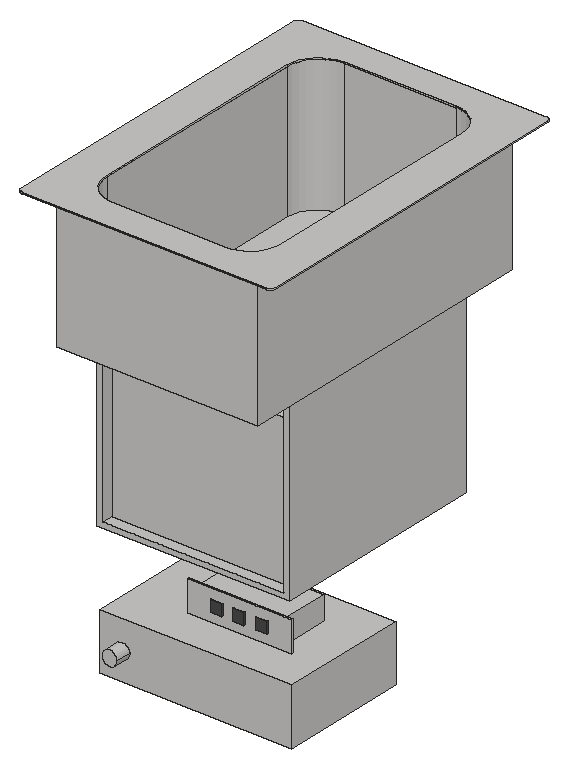
Revit family "QF_ELECTROLUXPROFESSIONAL_341156_D10C1", category Specialty Equipment, Revit 2018
Family settings
  Round Connector Dimension = Use Diameter
  Part Type = Normal
  Work Plane-Based = No
  Always vertical = Yes
  Cut with Voids When Loaded = No
  Shared = No
  Room Calculation Point = No
Parameters (values of type "Standard")
  Weight = 41.50 kg
  Watts = 0 W
  Volts = 220 V
  URL Manufacturer = "http://professional.electrolux.com"
  URL = "http://professional.electrolux.com"
  Steam Supply Size = 0 mm
  Steam Supply Minimum Pressure = 0.0 Pa
  Steam Supply Maximum Pressure = 0.0 Pa
  Steam Pounds per Hour = 0
  Show Clearance [instance] = yes
  Remote Electrical Box_Z [instance] = 200.00 mm
  Remote Electrical Box_Y [instance] = 500.00 mm
  Remote Electrical Box_X [instance] = 220.00 mm
  Refrigeration Suction Line Size = 0 mm
  Refrigeration Liquid Line Size = 0 mm
  Refrigerant Compressor Remote = yes
  Manufacturer = "Electrolux Professional"
  Phase = 1
  Model = "D10C1"
  Length Actual = 450.00 mm  # constant formula
  Item Number = "341156"
  Hot Water Size = 0 mm
  Height Actual = 595.00 mm  # constant formula
  HP = "0.6 HP"
  Gas Size = 0 mm
  Gas KW = 0
  Gas Input Pressure = 0 W
  Direct Waste Size = 25.4 mm
  Description = "DROP-IN REFRIGERATED WELL, STATIC, 1GN"
  Depth Actual = 620.00 mm  # constant formula
  Cycle = 50 Hz
  Controller_Y [instance] = 500.00 mm
  Controller_1Z [instance] = 300.00 mm
  Controller_1X [instance] = 300.00 mm
  Condensate Return Size = 0 mm
  Compressed Air Volume = 0.0 L/s
  Compressed Air Size = 0 mm
  Compressed Air Pressure = 0.0 Pa
  Cold Water Size = 0 mm
  Accessory = yes
Types (2, lengths in mm): name | Volts | URL Manufacturer | URL | Manufacturer | Phase | Model | Item Number | Description | Cycle
  341156.rfa | 0 V | "" | 0.00 | 0.00 | 0 | 0.00 | "" | 0.00 | 0 Hz
  Standard | 220 V | "http://professional.electrolux.com" | "http://professional.electrolux.com" | "Electrolux Professional" | 1 | "D10C1" | "341156" | "DROP-IN REFRIGERATED WELL, STATIC, 1GN" | 50 Hz
Reference planes
  plane 1 "Centro (Fronte/Retro)": y = 74.737
  plane 2: z = 0
  plane 3 "BACK": y = 384.737
  plane 4 "FRONT": y = -235.263
  plane 5 "RIGHT": x = -289.269
  plane 6 "LEFT": x = -739.269
  plane 7: x = -514.269
  plane 8 "TOP": z = 900
  plane 9: y = 354.737
  plane 10: y = -205.263
  plane 11: x = -336.469
  plane 12: x = -692.069
  plane 13: y = 329.737
  plane 14: y = -180.263
  plane 15: x = -669.269
  plane 16: x = -359.269
  plane 17: z = 898
  plane 18: z = 656
  plane 19: z = 659
  plane 20: z = 336
  plane 21: x = -354.269
  plane 22: y = 349.537
  plane 23: y = -200.063
  plane 24: x = -689.269
  plane 25: x = -349.269
  plane 26 "1": x = -433.269
  plane 27: y = 254.737
  plane 28: y = -120.263
  plane 29: y = 269.737
  plane 30: x = -439.269
  plane 31: x = -519.269
  plane 32: y = -115.263
  plane 33: y = -115.263
  plane 34: z = 200
  plane 35: z = 300
Forms (mm)
  Extrusion 1, solid, material "QF_Finishes_Stainless Steel"
    sketch origin (0, 0, 900) x (-1, 0, 0) y (0, -1, 0)
      loop
        line (336.469, -354.737) -> (692.069, -354.737) -> (692.069, 205.263) -> (336.469, 205.263) -> (336.469, -354.737)
    from -2 to -244
  Extrusion 2, void
    sketch origin (0, 0, 900) x (-1, 0, 0) y (0, -1, 0)
      loop
        line (669.269, -273.737) -> (669.269, 124.263)
        arc (669.269, 124.263) -> (652.867, 163.861) -> (613.269, 180.263) r 56
        line (613.269, 180.263) -> (415.269, 180.263)
        arc (415.269, 180.263) -> (375.671, 163.861) -> (359.269, 124.263) r 56
        line (359.269, 124.263) -> (359.269, -273.737)
        arc (359.269, -273.737) -> (375.671, -313.335) -> (415.269, -329.737) r 56
        line (415.269, -329.737) -> (613.269, -329.737)
        arc (613.269, -329.737) -> (652.867, -313.335) -> (669.269, -273.737) r 56
    from 0 to -241
  Extrusion 3, void
    sketch origin (-498.395, -193.95, 900) x (-1, 0, 0) y (0, -1, 0)
      loop
        circle (-65.126, -448.687) r 18
    from -243.6 to -241
  Extrusion 4, solid, material "QF_Finishes_Stainless Steel"
    sketch origin (232.311, 102.737, 0) x (0, -1, 0) y (0, 0, -1)
      loop
        line (204.2, -346) -> (84.2, -346) -> (84.2, -611) -> (204.2, -611) -> (204.2, -346)
    from -909.58 to -593.58
  Extrusion 5, solid, material "QF_Finishes_Stainless Steel"
    sketch origin (0, 0, 900) x (-1, 0, 0) y (0, -1, 0)
      loop
        arc (729.269, -384.737) -> (736.34, -381.808) -> (739.269, -374.737) r 10
        line (739.269, -374.737) -> (739.269, 225.263)
        arc (739.269, 225.263) -> (736.34, 232.334) -> (729.269, 235.263) r 10
        line (729.269, 235.263) -> (299.269, 235.263)
        arc (299.269, 235.263) -> (292.198, 232.334) -> (289.269, 225.263) r 10
        line (289.269, 225.263) -> (289.269, -374.737)
        arc (289.269, -374.737) -> (292.198, -381.808) -> (299.269, -384.737) r 10
        line (299.269, -384.737) -> (729.269, -384.737)
      loop
        line (613.269, 180.263) -> (414.269, 180.263)
        arc (414.269, 180.263) -> (375.378, 164.154) -> (359.269, 125.263) r 55
        line (359.269, 125.263) -> (359.269, -274.737)
        arc (359.269, -274.737) -> (375.378, -313.628) -> (414.269, -329.737) r 55
        line (414.269, -329.737) -> (613.269, -329.737)
        arc (613.269, -329.737) -> (652.867, -313.335) -> (669.269, -273.737) r 56
        line (669.269, -273.737) -> (669.269, 124.263)
        arc (669.269, 124.263) -> (652.867, 163.861) -> (613.269, 180.263) r 56
    from 0 to -2
  Sweep 6, solid, material "QF_Finishes_Stainless Steel"
    path origin (231.731, 362.737, 0) x (0, -1, 0) y (0, 0, -1)
      loop
        line (108, -656) -> (108, -629) -> (161, -629)
    profile origin (231.731, 254.737, 642.5) x (1, 0, 0) y (0, 1, 0)
      loop
        circle (-665, 0) r 18
  Extrusion 7, solid, material "QF_Finishes_Stainless Steel"
    sketch origin (231.731, -231.263, 456) x (0, 0, 1) y (-1, 0, 0)
      loop
        line (200, 581) -> (200, 591) -> (-110, 591) -> (-110, 911) -> (200, 911) -> (200, 921) -> (-120, 921) -> (-120, 581) -> (200, 581)
    from -501 to -111
Cuts and joins
  Extrusion 2, Extrusion 3 cuts Extrusion 1
Lines and regions (mm)
  symbolic lines
    curve 1: line (-299.269, 384.737, 900) -> (-729.269, 384.737, 900)
    curve 2: arc (-729.269, 384.737, 900) -> (-736.34, 381.808, 900) -> (-739.269, 374.737, 900) r 10
    curve 3: line (-739.269, 374.737, 900) -> (-739.269, -225.263, 900)
    curve 4: arc (-739.269, -225.263, 900) -> (-736.34, -232.334, 900) -> (-729.269, -235.263, 900) r 10
    curve 5: line (-729.269, -235.263, 900) -> (-299.269, -235.263, 900)
    curve 6: arc (-299.269, -235.263, 900) -> (-292.198, -232.334, 900) -> (-289.269, -225.263, 900) r 10
    curve 7: line (-289.269, -225.263, 900) -> (-289.269, 374.737, 900)
    curve 8: arc (-289.269, 374.737, 900) -> (-292.198, 381.808, 900) -> (-299.269, 384.737, 900) r 10
    curve 9: line (-669.269, -124.263, 900) -> (-669.269, 273.737, 900)
    curve 10: arc (-669.269, 273.737, 900) -> (-652.867, 313.335, 900) -> (-613.269, 329.737, 900) r 56
    curve 11: line (-613.269, 329.737, 900) -> (-415.269, 329.737, 900)
    curve 12: arc (-415.269, 329.737, 900) -> (-375.671, 313.335, 900) -> (-359.269, 273.737, 900) r 56
    curve 13: line (-359.269, 273.737, 900) -> (-359.269, -124.263, 900)
    curve 14: arc (-359.269, -124.263, 900) -> (-375.671, -163.861, 900) -> (-415.269, -180.263, 900) r 56
    curve 15: line (-415.269, -180.263, 900) -> (-613.269, -180.263, 900)
    curve 16: arc (-613.269, -180.263, 900) -> (-652.867, -163.861, 900) -> (-669.269, -124.263, 900) r 56
    curve 17: arc (-415.269, 254.737, 900) -> (-433.269, 272.737, 900) -> (-451.269, 254.737, 900) r 18
    curve 18: arc (-451.269, 254.737, 900) -> (-433.269, 236.737, 900) -> (-415.269, 254.737, 900) r 18
  symbolic lines, style "SpecialityEquipmentHiddenLines"
    curve 19: line (-692.069, 354.737, 900) -> (-336.469, 354.737, 900)
    curve 20: line (-692.069, -205.263, 900) -> (-692.069, 354.737, 900)
    curve 21: line (-336.469, -205.263, 900) -> (-692.069, -205.263, 900)
    curve 22: line (-336.469, 354.737, 900) -> (-336.469, -205.263, 900)
    curve 23: line (-679.269, -120.263, 900) -> (-349.269, -120.263, 900)
    curve 24: line (-679.269, 269.737, 900) -> (-679.269, -120.263, 900)
    curve 25: line (-349.269, 269.737, 900) -> (-679.269, 269.737, 900)
    curve 26: line (-349.269, -120.263, 900) -> (-349.269, 269.737, 900)
Dimensions and locks
  plane 6 "LEFT" to plane 5 "RIGHT" = 450.00 mm
  equal spacing: plane 3 "BACK", plane 1 "Centro (Fronte/Retro)", plane 4 "FRONT"
  plane 3 "BACK" to plane 4 "FRONT" = 620.00 mm
  equal spacing: plane 6 "LEFT", plane 7, plane 5 "RIGHT"
  locked: plane 8 "TOP" to plane 2 at 900
  locked: plane 6 "LEFT" to plane 12 at 47.2
  locked: plane 11 to plane 5 "RIGHT" at 47.2
  locked: plane 3 "BACK" to plane 9 at 30
  locked: plane 10 to plane 4 "FRONT" at 30
  locked: plane 3 "BACK" to plane 13 at 55
  locked: plane 14 to plane 4 "FRONT" at 55
  locked: plane 6 "LEFT" to plane 15 at 70
  locked: plane 16 to plane 5 "RIGHT" at 70
  locked: plane 8 "TOP" to plane 17 at 2
  plane 8 "TOP" to plane 18 = 244.00 mm
  locked: plane 19 to plane 18 at 3
  plane 18 to plane 20 = 320.00 mm
  plane 25 to plane 24 = 340.00 mm
  plane 26 "1" to plane 16 = 74.00 mm
  locked: plane 13 to plane 27 at 75
  locked: plane 24 to Extrusion 4 at 12
  locked: plane 25 to Extrusion 4 at 12
  plane 15 to plane 16 = 310.00 mm
  plane 13 to plane 14 = 510.00 mm
  plane 26 "1" to plane 5 "RIGHT" = 144.00 mm
  plane 24 to plane 6 "LEFT" = 50.00 mm
  equal spacing: plane 28, plane 1 "Centro (Fronte/Retro)", plane 29
  plane 28 to plane 29 = 390.00 mm
  "Controller_Y": plane 3 "BACK" to plane 33
  "Remote Electrical Box_Y": plane 3 "BACK" to plane 32
  "Controller_1X": plane 6 "LEFT" to plane 30
  "Remote Electrical Box_X": plane 6 "LEFT" to plane 31
  "Controller_1Z": plane 35 to plane 2
  "Remote Electrical Box_Z": plane 34 to plane 2
  aligned and locked: level to plane 2
  aligned and locked: plane 9 to Extrusion 1 sketch curve
  aligned and locked: plane 11 to Extrusion 1 sketch curve
  aligned and locked: Extrusion 1 sketch curve to plane 10
  aligned and locked: Extrusion 1 sketch curve to plane 12
  aligned and locked: Extrusion 1 to plane 18
  aligned and locked: Extrusion 2 to plane 19
  aligned and locked: plane 19 to Extrusion 3
  aligned and locked: Extrusion 5 sketch curve to plane 3 "BACK"
  aligned and locked: Extrusion 5 sketch curve to plane 5 "RIGHT"
  aligned and locked: plane 4 "FRONT" to Extrusion 5 sketch curve
  aligned and locked: plane 6 "LEFT" to Extrusion 5 sketch curve
  aligned and locked: Extrusion 5 sketch curve to plane 15
  aligned and locked: plane 13 to Extrusion 5 sketch curve
  aligned and locked: plane 16 to Extrusion 5 sketch curve
  aligned and locked: Extrusion 5 sketch curve to plane 14
  aligned and locked: Extrusion 5 to plane 17
  aligned and locked: plane 29 to Extrusion 7
  aligned and locked: Extrusion 7 to plane 28
  aligned and locked: plane 30 to nested 1
  aligned and locked: plane 31 to nested 2
  aligned and locked: plane 32 to nested 2
  aligned and locked: nested 1 to plane 33
  aligned and locked: plane 34 to nested 2
  aligned and locked: plane 35 to nested 1
Automatic sketch dimensions
  Extrusion 2 sketch curve to plane 13 = 56.00 mm
  Extrusion 2 sketch curve to plane 16 = 56.00 mm
  plane 14 to Extrusion 2 sketch curve = 56.00 mm
  plane 15 to Extrusion 2 sketch curve = 56.00 mm
  plane 20 to Extrusion 4 sketch curve = 10.00 mm
  Extrusion 4 sketch curve to plane 22 = 331.00 mm
  Extrusion 4 sketch curve to Extrusion 4 sketch curve = 120.00 mm
  Extrusion 4 sketch curve to plane 18 = 45.00 mm
  Extrusion 3 sketch curve to plane 26 "1" = 0.00 mm
  Extrusion 3 sketch curve to plane 27 = 0.00 mm
  Extrusion 2 sketch curve to plane 16 = 0.00 mm
  Extrusion 2 sketch curve to plane 14 = 0.00 mm
  Extrusion 2 sketch curve to plane 13 = 0.00 mm
  Extrusion 2 sketch curve to plane 15 = 0.00 mm
  Extrusion 5 sketch curve to plane 5 "RIGHT" = 10.00 mm  (x2)
  plane 26 "1" to Extrusion 5 sketch curve = 19.00 mm  (x2)
  plane 27 to Extrusion 5 sketch curve = 19.00 mm
  Extrusion 5 sketch curve to Extrusion 5 sketch curve = 56.00 mm
  Extrusion 5 sketch curve to Extrusion 5 sketch curve = 10.00 mm
  plane 6 "LEFT" to Extrusion 5 sketch curve = 10.00 mm
  Sweep 6 sketch curve to plane 27 = 0.00 mm
  Sweep 6 sketch curve to plane 18 = 0.00 mm
  Sweep 6 sketch curve to plane 18 = 27.00 mm
  Sweep 6 sketch curve to Sweep 6 sketch curve = 53.00 mm
  Sweep 6 sketch curve to Sweep 6 sketch curve = 0.00 mm  (x2)
  profile plane to Sweep 6 sketch curve = 0.00 mm
  Sweep 6 sketch curve to profile plane = 665.00 mm
  Sweep 6 sketch curve to Sweep 6 sketch curve = 18.00 mm
  Extrusion 7 sketch curve to plane 20 = 0.00 mm
  Extrusion 7 sketch curve to plane 16 = 0.00 mm
  Extrusion 7 sketch curve to plane 18 = 0.00 mm  (x2)
  Extrusion 7 sketch curve to plane 25 = 0.00 mm
  Extrusion 7 sketch curve to plane 24 = 0.00 mm
  plane 20 to Extrusion 7 sketch curve = 10.00 mm
  Extrusion 7 sketch curve to plane 15 = 10.00 mm
  curve 17 to curve 18 = 0.00 mm  (x2)
  curve 7 to plane 5 "RIGHT" = 0.00 mm
  curve 5 to plane 4 "FRONT" = 0.00 mm
  curve 1 to plane 3 "BACK" = 0.00 mm
  curve 19 to plane 9 = 0.00 mm
  curve 19 to plane 11 = 0.00 mm
  curve 25 to plane 25 = 0.00 mm
  curve 13 to plane 16 = 0.00 mm
  curve 15 to plane 14 = 0.00 mm
  curve 17 to plane 27 = 0.00 mm
  curve 11 to plane 13 = 0.00 mm
  curve 17 to plane 26 "1" = 0.00 mm
  curve 9 to plane 15 = 0.00 mm
  curve 24 to plane 28 = 0.00 mm
  curve 25 to plane 29 = 0.00 mm
  curve 20 to plane 10 = 0.00 mm
  curve 20 to plane 12 = 0.00 mm
  curve 3 to plane 6 "LEFT" = 0.00 mm
  curve 6 to curve 6 = 10.00 mm
  curve 1 to plane 5 "RIGHT" = 10.00 mm
  plane 29 to curve 12 = 4.00 mm
  plane 26 "1" to curve 15 = 18.00 mm
  plane 15 to curve 11 = 56.00 mm
  plane 15 to curve 15 = 56.00 mm
  curve 24 to plane 15 = 10.00 mm
  curve 2 to curve 2 = 10.00 mm
  plane 6 "LEFT" to curve 5 = 10.00 mm
  plane 26 "1" to curve 17 = 18.00 mm
  radius of Extrusion 3 sketch curve = 18.00 mm
Nested families
  nested 1: "Controller" at (-439.269, -115.263, 300), type "Controller"
  nested 2: "Remote_Electrical_Box" at (-519.269, -0.263, 100), type "Remote_Electrical_Box"
  nested 3: "Refrigerator" at (-469.269, -45.263, 900), type "Refrigerator"
Connectors
  piping at (-433.269, 201.737, 629), diameter 36
    settings: on Sweep 6, index 1, connector inside diameter 609.6 mm, connector length 0.00 mm, flow factor 0, pipe flow 0.0 L/s, pressure drop 0.0 Pa, fitting loss kfactor 0, connector angle 0.00°, fixture units 0, engagement length 0.00 mm, angle of deflection 0.00°, flow configuration 1, flow direction 1, fitting loss method 0, system type 16, joint type 0, gender type 0, connector reference index -1, connector utility 0, adjustable connector no, is connector primary yes, connector description "Drain"
  electrical at (-649.269, -142.263, 149.381)
    settings: on nested 2, index 2, voltage 0 V, apparent load 0 VA, apparent load phase1 0 VA, apparent load phase2 0 VA, apparent load phase3 0 VA, power factor 1, load classification "Altro", number of poles 1, system type 14, power factor state 1, is connector primary yes, connector utility no, sub classification motor no, connector description ""
Definition of nested family "Controller"
  Reference planes
    plane 1 "Center (Front/Back)": y = 0
    plane 2: z = 0
    plane 3 "Center (Left/Right)": x = 0
  Forms (mm)
    Extrusion 1, solid
      sketch origin (0, 44.769, -48.2) x (1, 0, 0) y (0, 1, 0)
        loop
          line (-76, 43.231) -> (-76, -47.65) -> (76, -47.65) -> (76, 43.231) -> (-76, 43.231)
      from 6.2 to 48.2
    Extrusion 2, solid
      sketch origin (0, 44.769, -48.2) x (1, 0, 0) y (0, 0, 1)
        loop
          line (-92.25, 54.4) -> (-92.25, 0) -> (92.25, 0) -> (92.25, 54.4) -> (-92.25, 54.4)
        loop
          line (-76, 48.2) -> (-76, 6.2) -> (76, 6.2) -> (76, 48.2) -> (-76, 48.2)
      from 44.769 to 47.65
    Extrusion 3, solid
      sketch origin (76, -2.881, -48.2) x (-1, 0, 0) y (0, 0, -1)
        loop
          line (106, -37.2) -> (126, -37.2) -> (126, -17.2) -> (106, -17.2) -> (106, -37.2)
        loop
          line (66, -37.2) -> (86, -37.2) -> (86, -17.2) -> (66, -17.2) -> (66, -37.2)
        loop
          line (26, -37.2) -> (46, -37.2) -> (46, -17.2) -> (26, -17.2) -> (26, -37.2)
      from 0 to 2
    Extrusion 4, void
      sketch origin (0, 0, 0) x (1, 0, 0) y (0, 1, 0)
        loop
          line (76, 88) -> (-76, 88) -> (-76, 0) -> (76, 0) -> (76, 88)
      from 0 to -42
  Cuts and joins
    Extrusion 4 cuts Extrusion 2
    joined: Extrusion 1, Extrusion 2
  Lines and regions (mm)
    symbolic lines
      curve 1: line (-76, 88, 0) -> (-76, 0, 0)
      curve 2: line (76, 88, 0) -> (-76, 88, 0)
      curve 3: line (76, 0, 0) -> (76, 88, 0)
      curve 4: line (-92.25, -2.881, 0) -> (92.25, -2.881, 0)
      curve 5: line (-92.25, 0, 0) -> (-92.25, -2.881, 0)
      curve 6: line (92.25, 0, 0) -> (-92.25, 0, 0)
      curve 7: line (92.25, -2.881, 0) -> (92.25, 0, 0)
  Dimensions and locks
    aligned and locked: level to plane 2
Definition of nested family "Remote_Electrical_Box"
  Parameters (values of type "Remote_Electrical_Box")
    Default Elevation = 1219.20 mm
  Reference planes
    plane 1 "Center (Front/Back)": y = 0
    plane 2: z = 0
    plane 3 "Center (Left/Right)": x = 0
    plane 4: x = -170
    plane 5: x = 170
    plane 6: y = 115
    plane 7: y = -115
    plane 8: z = 100
    plane 9: z = 50
  Forms (mm)
    Extrusion 1, solid
      sketch origin (0, 0, 0) x (1, 0, 0) y (0, 1, 0)
        loop
          line (-170, 115) -> (-170, -115) -> (170, -115) -> (170, 115) -> (-170, 115)
      from 0 to 100
    Extrusion 2, solid
      sketch origin (0, 0, 0) x (1, 0, 0) y (0, 0, 1)
        loop
          circle (-130, 49.381) r 13
      from 115 to 142
  Lines and regions (mm)
    symbolic lines
      curve 1: line (-170, 115, 0) -> (170, 115, 0)
      curve 2: line (-170, -115, 0) -> (-170, 115, 0)
      curve 3: line (170, -115, 0) -> (-170, -115, 0)
      curve 4: line (170, 115, 0) -> (170, -115, 0)
      curve 5: line (-143, -142, 0) -> (-117, -142, 0)
      curve 6: line (-143, -142, 0) -> (-143, -115, 0)
      curve 7: line (-117, -142, 0) -> (-117, -115, 0)
  Dimensions and locks
    equal spacing: plane 4, plane 3 "Center (Left/Right)", plane 5
    equal spacing: plane 6, plane 1 "Center (Front/Back)", plane 7
    plane 4 to plane 5 = 340.00 mm
    plane 6 to plane 7 = 230.00 mm
    Extrusion 1 to Extrusion 2 sketch curve = 40.00 mm
    equal spacing: plane 8, plane 9, plane 2
    aligned and locked: level to plane 2
    aligned and locked: Extrusion 1 sketch curve to plane 6
    aligned and locked: plane 4 to Extrusion 1 sketch curve
    aligned and locked: plane 7 to Extrusion 1 sketch curve
    aligned and locked: Extrusion 1 sketch curve to plane 5
    aligned and locked: plane 7 to Extrusion 2
    aligned and locked: plane 8 to Extrusion 1
  Automatic sketch dimensions
    level to Extrusion 2 sketch curve = 49.381 mm
    curve 3 to plane 4 = 0.00 mm
    curve 7 to plane 7 = 0.00 mm
    curve 3 to plane 5 = 0.00 mm
    curve 2 to plane 6 = 0.00 mm
    plane 4 to curve 6 = 27.00 mm
    curve 5 to curve 6 = 27.00 mm
    curve 6 to curve 7 = 26.00 mm
    radius of Extrusion 2 sketch curve = 13.00 mm
Definition of nested family "Refrigerator"
  Reference planes
    plane 1 "Center (Front/Back)": y = 0
    plane 2: z = 0
    plane 3 "Center (Left/Right)": x = 0
  Lines and regions (mm)
    detail lines, in view "Ref. Level"
      curve 1: line (0, -60, 0) -> (0, 60, 0)
      curve 2: line (-51.962, 30, 0) -> (51.962, -30, 0)
      curve 3: line (-51.962, -30, 0) -> (51.962, 30, 0)
      curve 4: line (19.116, 56.873, 0) -> (0, 35, 0)
      curve 5: line (0, 35, 0) -> (-19.116, 56.873, 0)
      curve 6: line (-30.311, 17.5, 0) -> (-40, 45.883, 0)
      curve 7: line (-59.736, 11.7, 0) -> (-30.311, 17.5, 0)
      curve 8: line (-30.311, -17.5, 0) -> (-59.736, -11.7, 0)
      curve 9: line (-40, -45.883, 0) -> (-30.311, -17.5, 0)
      curve 10: line (0, -35, 0) -> (-19.116, -56.873, 0)
      curve 11: line (19.116, -56.873, 0) -> (0, -35, 0)
      curve 12: line (30.311, -17.5, 0) -> (39.696, -44.992, 0)
      curve 13: line (58.812, -11.882, 0) -> (30.311, -17.5, 0)
      curve 14: line (30.311, 17.5, 0) -> (58.812, 11.882, 0)
      curve 15: line (39.696, 44.992, 0) -> (30.311, 17.5, 0)
